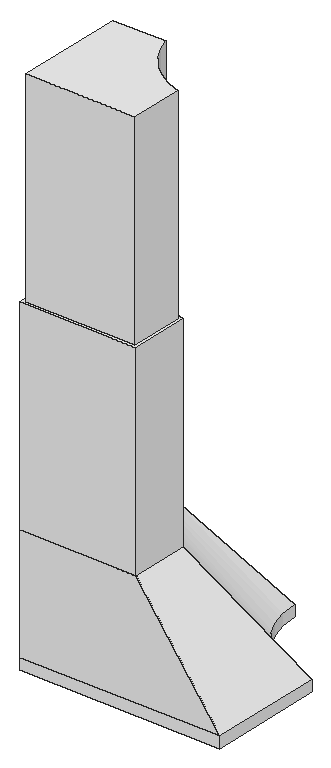
Revit family
Parameters (values of type "610 x 610mm")
  Material = Metal - Aluminium
  Manufacturer = "Revit"
  Ceiling Height [instance] = 2800 mm
  Assembly Code = ""
Reference planes
  plane 1: y = 0
  plane 2 "Center (Left/Right)": x = 125
  plane 3 "Back": y = 75
  plane 4: through (25, -25, 0) normal (0.7071, -0.7071, 0)
  plane 5: through (580.882, 580.882, 0) normal (0.7071, 0.7071, 0)
  plane 6: z = 1200
  plane 7: z = 1550
  plane 8: z = 2800
  plane 9: z = 2175
Forms (mm)
  Extrusion 1, solid, material "Metal - Aluminium" <- "Material"
    sketch origin (0, 0, 1200) x (0, 1, 0) y (1, 0, 0)
      loop
        line (686.764, 125) -> (686.764, 475)
        arc (686.764, 475) -> (501.669, 551.669) -> (425, 736.764) r 261.764
        line (425, 736.764) -> (75, 736.764) -> (75, 125) -> (686.764, 125)
    from 0 to 33
  Blend 2, solid, material "Metal - Aluminium" <- "Material"
    base sketch origin (0, 0, 1200) x (0, 1, 0) y (-1, 0, 0)
      loop
        line (686.764, -475) -> (686.764, -125) -> (75, -125) -> (75, -736.764) -> (425, -736.764)
        arc (425, -736.764) -> (501.669, -551.669) -> (686.764, -475) r 261.764
    top sketch origin (0, 0, 1200) x (0, 1, 0) y (-1, 0, 0)
      loop
        line (75, -125) -> (75, -478.553) -> (255, -478.553)
        arc (255, -478.553) -> (316.552, -366.552) -> (428.553, -305) r 228.922
        line (428.553, -305) -> (428.553, -125) -> (75, -125)
    from 0 to 350
  Extrusion 3, solid, material "Metal - Aluminium" <- "Material"
    sketch origin (0, 0, 1550) x (0, 1, 0) y (-1, 0, 0)
      loop
        line (428.553, -305) -> (428.553, -125) -> (75, -125) -> (75, -478.553) -> (255, -478.553)
        arc (255, -478.553) -> (316.552, -366.552) -> (428.553, -305) r 228.922
    from 0 to 625
  Extrusion 4, solid, material "Metal - Aluminium" <- "Material"
    sketch origin (0, 0, 2175) x (0, 1, 0) y (-1, 0, 0)
      loop
        line (418.553, -297.125) -> (418.553, -135) -> (85, -135) -> (85, -468.553) -> (247.125, -468.553)
        arc (247.125, -468.553) -> (309.48, -359.48) -> (418.553, -297.125) r 238.922
    from 0 to 625
Lines and regions (mm)
  symbolic lines
    curve 1: line (736.764, 75, 0) -> (736.764, 425, 0)
    curve 2: line (125, 686.764, 0) -> (475, 686.764, 0)
Text (mm)
  text "Placement side" at (-1864.261, 916.262, 0), in view "Ref. Level"
  text "Placement side" at (0, 1605.175, 2923.955), in view "Left"
  text "Placement side" at (0, 595.982, 3004.978), in view "Right"
Dimensions and locks
  locked: plane 3 "Back" to host wall at 0
  locked: Extrusion 1 to Extrusion 1 at 33
  locked: Extrusion 1 sketch curve to Extrusion 1 sketch curve at 611.764
  locked: Extrusion 1 sketch curve to Extrusion 1 sketch curve at 350
  locked: Extrusion 1 sketch curve to Extrusion 1 sketch curve at 370.19
  locked: Blend 2 sketch curve to Blend 2 sketch curve at 353.553  (x2)
  locked: Blend 2 sketch curve to Blend 2 sketch curve at 245.442
  "Ceiling Height": level to plane 8
  equal spacing: plane 7, plane 9, plane 8
  aligned and locked: plane 1 to host wall
  aligned and locked: plane 3 "Back" to Extrusion 1
  aligned and locked: Blend 2 sketch curve to Extrusion 1  (x5)
  aligned and locked: Blend 2 to plane 7
  aligned and locked: plane 6 to Blend 2
  aligned and locked: Extrusion 3 sketch curve to Blend 2  (x4)
  aligned and locked: Blend 2 to Extrusion 3 sketch curve
  aligned and locked: Extrusion 4 to plane 8
  aligned and locked: plane 9 to Extrusion 4
Automatic sketch dimensions
  curve 2 to plane 2 "Center (Left/Right)" = 0 mm
  curve 2 to plane 5 = 0 mm
  curve 1 to plane 5 = 0 mm
  curve 1 to host wall = 0 mm
  curve 2 to plane 4 = 185.095 mm
  plane 4 to curve 1 = 185.095 mm
  Extrusion 1 sketch curve to host wall = 0 mm
  Extrusion 1 sketch curve to plane 4 = 0 mm
  Extrusion 1 sketch curve to plane 2 "Center (Left/Right)" = 0 mm
  Blend 2 sketch curve to host wall = 0 mm
  Blend 2 sketch curve to plane 4 = 0 mm
  Blend 2 sketch curve to plane 2 "Center (Left/Right)" = 0 mm
  Blend 2 sketch curve to plane 5 = 109.543 mm
  Extrusion 4 sketch curve to plane 4 = 0 mm  (x2)
  host wall to Extrusion 4 sketch curve = 10 mm
  Extrusion 4 sketch curve to Extrusion 4 sketch curve = 162.125 mm
  Extrusion 4 sketch curve to plane 4 = 235.858 mm
  Extrusion 4 sketch curve to plane 5 = 109.543 mm
  plane 4 to Extrusion 4 sketch curve = 121.218 mm
